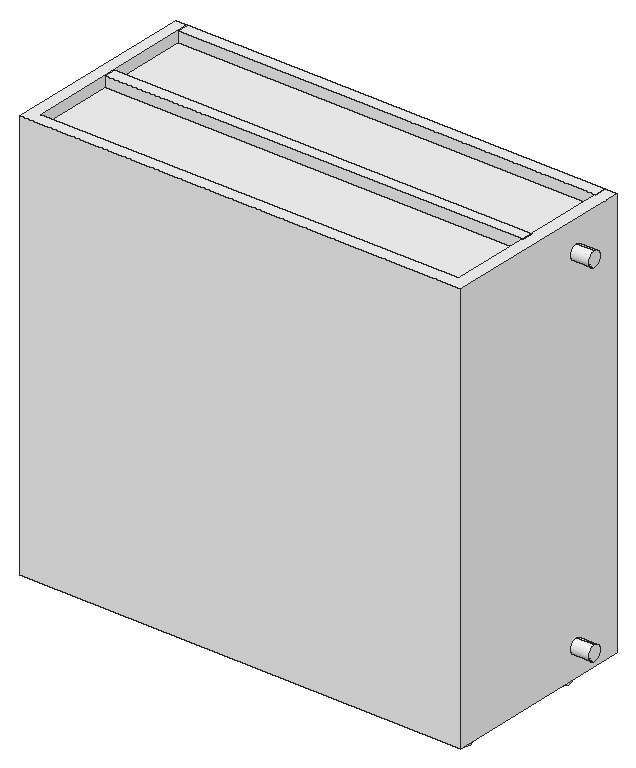
Revit family
Parameters (values of type "TX 2830")
  Width = 132 mm
  URL = "http://viewer.zmags.com/publication/f43ba979"
  Tapping Bottom Width = if(Width = 132 mm, 85 mm, 50 mm)  # 85 mm
  Tapping Offset from Centre = if(and(Width = 96 mm, Height = 70 mm), ((Width / 4) - 2 mm), if(Width = 132 mm, ((Width / 4) - 2 mm), 0 mm))  # 31 mm
  Tapping Height = Height - 40 mm  # 240 mm
  Tapping Dim = 15 mm
  Tapping Depth = if(Tap Radius < 5 mm, 13 mm, 17 mm)  # 13 mm
  Tapping Bottom 2 = (Width > 50 mm)  # yes
  Tapping Bottom = not(Tapping Bottom 2)  # no
  Tapping 2 = and(Width = 132 mm, Height > 70 mm)  # yes
  Tapping 1 = not(Tapping 2)  # no
  Tap Radius = 4.8 mm
  Offset from Wall = if(Width = 50 mm, 67 mm, if(Width = 96 mm, 116 mm, 197 mm))  # 197 mm
  Model = "TX 2830"
  Manufacturer = "Meinertz"  # constant formula
  Keynote = "TX 2830"
  Horizontal Line = Height > 70 mm  # yes
  Horizontal Line 2 = Height > 140 mm  # yes
  Height Offset from Floor = 100 mm
  Length = 300 mm
  Height = 280 mm
  Heater = RAL 9016
  Grill 2 = and(Width = 132 mm, Add Grill)  # yes
  Grill 1 = and(not(Grill 2), Add Grill)  # no
  Grill = Grill
  GoGetNo = 6983  # constant formula
  Body = or(Width = 96 mm, or(Width = 132 mm))  # yes
  Add Grill = yes
Types (13, lengths in mm): name | Width | Tapping Bottom Width | Tapping Offset from Centre | Tapping Height | Tapping Bottom 2 | Tapping Bottom | Tapping 2 | Tapping 1 | Offset from Wall | Model | Keynote | Horizontal Line | Horizontal Line 2 | Height | Grill 2 | Grill 1 | Body
  (no name) | 132 | 85 | 31 | 240 | yes | no | yes | no | 197 | "TX 2830" | "TX 2830" | yes | yes | 280 | yes | no | yes
  TX 0720 | 96 | 50 | 22 | 30 | yes | no | no | yes | 116 | "TX 0720" | "TX 0720" | no | no | 70 | no | yes | yes
  TX 1420 | 96 | 50 | 0 | 100 | yes | no | no | yes | 116 | "TX 1420" | "TX 1420" | yes | no | 140 | no | yes | yes
  TX 2120 | 96 | 50 | 0 | 170 | yes | no | no | yes | 116 | "TX 2120" | "TX 2120" | yes | yes | 210 | no | yes | yes
  TX 2820 | 96 | 50 | 0 | 240 | yes | no | no | yes | 116 | "TX 2820" | "TX 2820" | yes | yes | 280 | no | yes | yes
  TX 0730 | 132 | 85 | 31 | 30 | yes | no | no | yes | 197 | "TX 0730" | "TX 0730" | no | no | 70 | yes | no | yes
  TX 0711 | 50 | 50 | 0 | 30 | no | yes | no | yes | 67 | "TX 0711" | "TX 0711" | no | no | 70 | no | yes | no
  TX 1430 | 132 | 85 | 31 | 100 | yes | no | yes | no | 197 | "TX 1430" | "TX 1430" | yes | no | 140 | yes | no | yes
  TX 2130 | 132 | 85 | 31 | 170 | yes | no | yes | no | 197 | "TX 2130" | "TX 2130" | yes | yes | 210 | yes | no | yes
  TX 2830 | 132 | 85 | 31 | 240 | yes | no | yes | no | 197 | "TX 2830" | "TX 2830" | yes | yes | 280 | yes | no | yes
  TX 1411 | 50 | 50 | 0 | 100 | no | yes | no | yes | 67 | "TX 1411" | "TX 1411" | yes | no | 140 | no | yes | no
  TX 2111 | 50 | 50 | 0 | 170 | no | yes | no | yes | 67 | "TX 2111" | "TX 2111" | yes | yes | 210 | no | yes | no
  TX 2811 | 50 | 50 | 0 | 240 | no | yes | no | yes | 67 | "TX 2811" | "TX 2811" | yes | yes | 280 | no | yes | no
Reference planes
  plane 1 "Center (Front/Back)": y = 0
  plane 2: z = 0
  plane 3 "Center (Left/Right)": x = 0
  plane 4 "bottom": z = 100
  plane 5: y = 66
  plane 6: y = -66
  plane 7: x = -150
  plane 8: x = 150
  plane 9: y = 58
  plane 10: y = -58
  plane 11: x = -142
  plane 12: x = 142
  plane 13: z = 380
  plane 14: z = 373
  plane 15: z = 240
  plane 16: z = 360
  plane 17: z = 120
  plane 18: y = 4
  plane 19: y = -4
  plane 20: y = -31
  plane 21: y = 31
  plane 22 "Wall": y = 131
  plane 23: x = -132
  plane 24: x = 132
  plane 25: y = 42.5
  plane 26: y = -42.5
Forms (mm)
  Extrusion 1, solid, material "RAL 9016" <- "Heater"
    sketch origin (0, 0, 100) x (-1, 0, 0) y (0, -1, 0)
      loop
        line (150, 66) -> (-150, 66) -> (-150, -66) -> (-142, -66) -> (-142, 58) -> (142, 58) -> (142, -66) -> (150, -66) -> (150, 66)
    from 0 to 280
  Extrusion 2, solid, material "RAL 9016" <- "Heater", visible <- "Body"
    sketch origin (0, 0, 100) x (-1, 0, 0) y (0, -1, 0)
      loop
        line (142, -66) -> (142, -58) -> (-142, -58) -> (-142, -66) -> (142, -66)
    from 0 to 280
  Extrusion 3, solid, material "RAL 9016" <- "Heater", visible <- "Grill 2"
    sketch origin (0, 0, 100) x (-1, 0, 0) y (0, -1, 0)
      loop
        line (142, -4) -> (142, 4) -> (-142, 4) -> (-142, -4) -> (142, -4)
    from 0 to 280
  Extrusion 4, solid, material "RAL 9016" <- "Heater"
    sketch origin (0, 0, 100) x (-1, 0, 0) y (0, -1, 0)
      loop
        line (142, -66) -> (142, 66) -> (-142, 66) -> (-142, -66) -> (142, -66)
    from 0 to 8
  Extrusion 5, solid, material "Grill" <- "Grill", visible <- "Grill 1", detail levels fine
    sketch origin (0, 0, 100) x (-1, 0, 0) y (0, -1, 0)
      loop
        line (142, 58) -> (-142, 58) -> (-142, -66) -> (142, -66) -> (142, 58)
    from 55 to 273
  Extrusion 6, solid, material "Grill" <- "Grill", visible <- "Grill 2", detail levels fine
    sketch origin (0, 0, 100) x (-1, 0, 0) y (0, -1, 0)
      loop
        line (142, -58) -> (142, -4) -> (-142, -4) -> (-142, -58) -> (142, -58)
      loop
        line (142, 58) -> (-142, 58) -> (-142, 4) -> (142, 4) -> (142, 58)
    from 55 to 273
  Extrusion 7, solid, material "Tap"
    sketch origin (-163, 31, 360) x (0, 1, 0) y (0, 0, -1)
      loop
        circle (0, 0) r 4.8
    from -13 to 0
  Extrusion 8, solid, material "Tap", visible <- "Tapping 2"
    sketch origin (-163, 31, 120) x (0, 1, 0) y (0, 0, -1)
      loop
        circle (0, 0) r 4.8
    from -13 to 0
  Extrusion 9, solid, material "Tap", visible <- "Tapping 1"
    sketch origin (-163, -31, 120) x (0, 1, 0) y (0, 0, -1)
      loop
        circle (0, 0) r 4.8
    from -13 to 0
  Extrusion 10, solid, material "Tap"
    sketch origin (163, 31, 360) x (0, 0, -1) y (0, 1, 0)
      loop
        circle (0, 0) r 4.8
    from -13 to 0
  Extrusion 11, solid, material "Tap", visible <- "Tapping 2"
    sketch origin (163, 31, 120) x (0, 0, -1) y (0, 1, 0)
      loop
        circle (0, 0) r 4.8
    from -13 to 0
  Extrusion 12, solid, material "Tap", visible <- "Tapping 1"
    sketch origin (163, -31, 120) x (0, 0, -1) y (0, 1, 0)
      loop
        circle (0, 0) r 4.8
    from -13 to 0
  Extrusion 13, solid, material "Tap", visible <- "Tapping Bottom"
    sketch origin (132, 0, 87) x (0, 1, 0) y (-1, 0, 0)
      loop
        circle (0, 0) r 4.8
    from 0 to 13
  Extrusion 14, solid, material "Tap", visible <- "Tapping Bottom 2"
    sketch origin (132, 42.5, 87) x (0, 1, 0) y (-1, 0, 0)
      loop
        circle (0, 0) r 4.8
    from 0 to 13
  Extrusion 15, solid, material "Tap", visible <- "Tapping Bottom 2"
    sketch origin (132, -42.5, 87) x (0, 1, 0) y (-1, 0, 0)
      loop
        circle (0, 0) r 4.8
    from 0 to 13
  Extrusion 16, solid, material "Tap", visible <- "Tapping Bottom"
    sketch origin (-132, 0, 87) x (0, 1, 0) y (-1, 0, 0)
      loop
        circle (0, 0) r 4.8
    from 0 to 13
  Extrusion 17, solid, material "Tap", visible <- "Tapping Bottom 2"
    sketch origin (-132, 42.5, 87) x (0, -1, 0) y (1, 0, 0)
      loop
        circle (0, 0) r 4.8
    from 0 to 13
  Extrusion 18, solid, material "Tap", visible <- "Tapping Bottom 2"
    sketch origin (-132, -42.5, 87) x (0, -1, 0) y (1, 0, 0)
      loop
        circle (0, 0) r 4.8
    from 0 to 13
Cuts and joins
  joined: Extrusion 1, Extrusion 4
Lines and regions (mm)
  symbolic lines
    curve 1: line (-150, 0, 170) -> (150, 0, 170)
  symbolic lines, visible <- "Horizontal Line"
    curve 2: line (-150, 0, 240) -> (150, 0, 240)
  symbolic lines, visible <- "Horizontal Line 2"
    curve 3: line (-150, 0, 310) -> (150, 0, 310)
Dimensions and locks
  locked: plane 7 to plane 11 at 8
  locked: plane 12 to plane 8 at 8
  locked: plane 10 to plane 6 at 8
  locked: plane 9 to plane 5 at 8
  equal spacing: plane 7, plane 3 "Center (Left/Right)", plane 8
  equal spacing: plane 6, plane 1 "Center (Front/Back)", plane 5
  "Length": plane 7 to plane 8
  "Width": plane 5 to plane 6
  "Height": plane 13 to plane 4 "bottom"
  "Height Offset from Floor": plane 4 "bottom" to plane 2
  locked: plane 13 to plane 14 at 7
  equal spacing: plane 13, plane 15, plane 4 "bottom"
  equal spacing: plane 16, plane 15, plane 17
  "Tapping Height": plane 16 to plane 17
  group 1 to group 2 = 0 mm  (x2)
  group 1 to group 2 = 70 mm
  curve 3 to curve 2 to curve 1 to plane 4 "bottom" = 70 mm locked, 70 mm locked, 70 mm locked
  plane 19 to plane 1 "Center (Front/Back)" to plane 18 = 4 mm locked, 4 mm locked
  equal spacing: plane 19, plane 20, plane 10
  equal spacing: plane 9, plane 21, plane 18
  "Offset from Wall": plane 22 "Wall" to plane 6
  locked: plane 23 to plane 7 at 18
  locked: plane 24 to plane 8 at 18
  equal spacing: plane 25, plane 1 "Center (Front/Back)", plane 26
  "Tapping Bottom Width": plane 25 to plane 26
  "Tapping Depth": Extrusion 7 to plane 7
  "Tap Radius": radius of Extrusion 7 sketch curve
  "Tap Radius": radius of Extrusion 8 sketch curve
  "Tap Radius": radius of Extrusion 9 sketch curve
  "Tap Radius": radius of Extrusion 10 sketch curve
  "Tap Radius": radius of Extrusion 11 sketch curve
  "Tap Radius": radius of Extrusion 12 sketch curve
  "Tap Radius": radius of Extrusion 13 sketch curve
  "Tap Radius": radius of Extrusion 14 sketch curve
  "Tap Radius": radius of Extrusion 15 sketch curve
  "Tap Radius": radius of Extrusion 16 sketch curve
  "Tap Radius": radius of Extrusion 17 sketch curve
  "Tap Radius": radius of Extrusion 18 sketch curve
  aligned and locked: plane 6 to Extrusion 1 sketch curve
  aligned and locked: plane 8 to Extrusion 1 sketch curve
  aligned and locked: plane 11 to Extrusion 1 sketch curve
  aligned and locked: plane 10 to Extrusion 1 sketch curve
  aligned and locked: plane 12 to Extrusion 1 sketch curve
  aligned and locked: plane 13 to Extrusion 1
  aligned and locked: plane 7 to curve 1
  aligned and locked: plane 8 to curve 1
  aligned and locked: plane 5 to Extrusion 1 sketch curve
  aligned and locked: Extrusion 1 sketch curve to plane 5
  aligned and locked: plane 5 to Extrusion 2 sketch curve
  aligned and locked: plane 9 to Extrusion 2 sketch curve
  aligned and locked: plane 11 to Extrusion 2 sketch curve
  aligned and locked: plane 12 to Extrusion 2 sketch curve
  aligned and locked: plane 13 to Extrusion 2
  aligned and locked: plane 18 to Extrusion 3 sketch curve
  aligned and locked: plane 19 to Extrusion 3 sketch curve
  aligned and locked: plane 11 to Extrusion 3 sketch curve
  aligned and locked: plane 12 to Extrusion 3 sketch curve
  aligned and locked: plane 13 to Extrusion 3
  aligned and locked: plane 11 to Extrusion 4 sketch curve
  aligned and locked: plane 5 to Extrusion 4 sketch curve
  aligned and locked: plane 6 to Extrusion 4 sketch curve
  aligned and locked: plane 12 to Extrusion 4 sketch curve
  aligned and locked: Extrusion 5 sketch curve to plane 10
  aligned and locked: Extrusion 5 sketch curve to plane 11
  aligned and locked: Extrusion 5 sketch curve to plane 12
  aligned and locked: plane 14 to Extrusion 5
  aligned and locked: plane 9 to Extrusion 6 sketch curve
  aligned and locked: plane 18 to Extrusion 6 sketch curve
  aligned and locked: plane 11 to Extrusion 6 sketch curve
  aligned and locked: plane 12 to Extrusion 6 sketch curve
  aligned and locked: Extrusion 6 sketch curve to plane 10
  aligned and locked: plane 19 to Extrusion 6 sketch curve
  aligned and locked: Extrusion 6 sketch curve to plane 11
  aligned and locked: Extrusion 6 sketch curve to plane 12
  aligned and locked: Extrusion 6 to Extrusion 5
  aligned and locked: plane 14 to Extrusion 6
  aligned and locked: Extrusion 5 sketch curve to plane 5
Automatic sketch dimensions
  curve 3 to plane 7 = 0 mm
  curve 2 to plane 7 = 0 mm
  curve 2 to plane 8 = 0 mm
  curve 3 to plane 8 = 0 mm
  Extrusion 1 sketch curve to plane 7 = 0 mm
  Extrusion 7 sketch curve to plane 16 = 0 mm
  Extrusion 7 sketch curve to plane 21 = 0 mm
  Extrusion 8 sketch curve to plane 17 = 0 mm
  Extrusion 8 sketch curve to plane 21 = 0 mm
  Extrusion 9 sketch curve to plane 17 = 0 mm
  Extrusion 9 sketch curve to plane 20 = 0 mm
  Extrusion 10 sketch curve to plane 16 = 0 mm
  Extrusion 10 sketch curve to plane 21 = 0 mm
  Extrusion 11 sketch curve to plane 17 = 0 mm
  Extrusion 11 sketch curve to plane 21 = 0 mm
  Extrusion 12 sketch curve to plane 17 = 0 mm
  Extrusion 12 sketch curve to plane 20 = 0 mm
  Extrusion 13 sketch curve to plane 1 "Center (Front/Back)" = 0 mm
  Extrusion 13 sketch curve to plane 24 = 0 mm
  Extrusion 14 sketch curve to plane 24 = 0 mm
  Extrusion 14 sketch curve to plane 25 = 0 mm
  Extrusion 15 sketch curve to plane 24 = 0 mm
  Extrusion 15 sketch curve to plane 26 = 0 mm
  Extrusion 16 sketch curve to plane 1 "Center (Front/Back)" = 0 mm
  Extrusion 16 sketch curve to plane 23 = 0 mm
  Extrusion 17 sketch curve to plane 23 = 0 mm
  Extrusion 17 sketch curve to plane 25 = 0 mm
  Extrusion 18 sketch curve to plane 23 = 0 mm
  Extrusion 18 sketch curve to plane 26 = 0 mm
Connectors
  piping at (-163, 31, 360), driven by "Tap Radius"
    settings: on Extrusion 7, index 1, connector radius 4.8 mm, flow factor 0, pipe flow 0.0 L/s, pressure drop 0.0 Pa, fitting loss kfactor 0, connector angle 0.00°, fixture units 0, flow configuration 1, flow direction 1, fitting loss method 0, system type 22, connector reference index -1, connector utility 0, adjustable connector no, is connector primary yes, fitting loss table "", connector description "A"
  piping at (-163, -31, 120), driven by "Tap Radius"
    settings: on Extrusion 9, index 2, connector radius 4.8 mm, flow factor 0, pipe flow 0.0 L/s, pressure drop 0.0 Pa, fitting loss kfactor 0, connector angle 0.00°, fixture units 0, flow configuration 1, flow direction 2, fitting loss method 0, system type 22, connector reference index -1, connector utility 0, adjustable connector no, is connector primary no, fitting loss table "", connector description "B"
  piping at (-163, 31, 120), driven by "Tap Radius"
    settings: on Extrusion 8, index 3, connector radius 4.8 mm, flow factor 0, pipe flow 0.0 L/s, pressure drop 0.0 Pa, fitting loss kfactor 0, connector angle 0.00°, fixture units 0, flow configuration 1, flow direction 2, fitting loss method 0, system type 22, connector reference index -1, connector utility 0, adjustable connector no, is connector primary no, fitting loss table "", connector description "B"
  piping at (163, 31, 360), driven by "Tap Radius"
    settings: on Extrusion 10, index 4, connector radius 4.8 mm, flow factor 0, pipe flow 0.0 L/s, pressure drop 0.0 Pa, fitting loss kfactor 0, connector angle 0.00°, fixture units 0, flow configuration 1, flow direction 1, fitting loss method 0, system type 22, connector reference index -1, connector utility 0, adjustable connector no, is connector primary no, fitting loss table "", connector description "C"
  piping at (163, -31, 120), driven by "Tap Radius"
    settings: on Extrusion 12, index 5, connector radius 4.8 mm, flow factor 0, pipe flow 0.0 L/s, pressure drop 0.0 Pa, fitting loss kfactor 0, connector angle 0.00°, fixture units 0, flow configuration 1, flow direction 2, fitting loss method 0, system type 22, connector reference index -1, connector utility 0, adjustable connector no, is connector primary no, fitting loss table "", connector description "D"
  piping at (163, 31, 120), driven by "Tap Radius"
    settings: on Extrusion 11, index 6, connector radius 4.8 mm, flow factor 0, pipe flow 0.0 L/s, pressure drop 0.0 Pa, fitting loss kfactor 0, connector angle 0.00°, fixture units 0, flow configuration 1, flow direction 2, fitting loss method 0, system type 22, connector reference index -1, connector utility 0, adjustable connector no, is connector primary no, fitting loss table "", connector description "D"
  piping at (-132, 0, 87), driven by "Tap Radius"
    settings: on Extrusion 16, index 8, connector radius 4.8 mm, flow factor 0, pipe flow 0.0 L/s, pressure drop 0.0 Pa, fitting loss kfactor 0, connector angle 0.00°, fixture units 0, flow configuration 1, flow direction 1, fitting loss method 0, system type 22, connector reference index -1, connector utility 0, adjustable connector no, is connector primary no, fitting loss table "", connector description "E"
  piping at (132, 42.5, 87), driven by "Tap Radius"
    settings: on Extrusion 14, index 10, connector radius 4.8 mm, flow factor 0, pipe flow 0.0 L/s, pressure drop 0.0 Pa, fitting loss kfactor 0, connector angle 0.00°, fixture units 0, flow configuration 1, flow direction 2, fitting loss method 0, system type 22, connector reference index -1, connector utility 0, adjustable connector no, is connector primary no, fitting loss table "", connector description "F"
  piping at (132, 0, 87), driven by "Tap Radius"
    settings: on Extrusion 13, index 11, connector radius 4.8 mm, flow factor 0, pipe flow 0.0 L/s, pressure drop 0.0 Pa, fitting loss kfactor 0, connector angle 0.00°, fixture units 0, flow configuration 1, flow direction 2, fitting loss method 0, system type 22, connector reference index -1, connector utility 0, adjustable connector no, is connector primary no, fitting loss table "", connector description "F"
  piping at (132, -42.5, 87), driven by "Tap Radius"
    settings: on Extrusion 15, index 12, connector radius 4.8 mm, flow factor 0, pipe flow 0.0 L/s, pressure drop 0.0 Pa, fitting loss kfactor 0, connector angle 0.00°, fixture units 0, flow configuration 1, flow direction 2, fitting loss method 0, system type 22, connector reference index -1, connector utility 0, adjustable connector no, is connector primary no, fitting loss table "", connector description "F"
  piping at (-132, 42.5, 87), driven by "Tap Radius"
    settings: on Extrusion 17, index 13, connector radius 4.8 mm, flow factor 0, pipe flow 0.0 L/s, pressure drop 0.0 Pa, fitting loss kfactor 0, connector angle 0.00°, fixture units 0, flow configuration 1, flow direction 1, fitting loss method 0, system type 22, connector reference index -1, connector utility 0, adjustable connector no, is connector primary no, fitting loss table "", connector description "E"
  piping at (-132, -42.5, 87), driven by "Tap Radius"
    settings: on Extrusion 18, index 14, connector radius 4.8 mm, flow factor 0, pipe flow 0.0 L/s, pressure drop 0.0 Pa, fitting loss kfactor 0, connector angle 0.00°, fixture units 0, flow configuration 1, flow direction 1, fitting loss method 0, system type 22, connector reference index -1, connector utility 0, adjustable connector no, is connector primary no, fitting loss table "", connector description "E"
